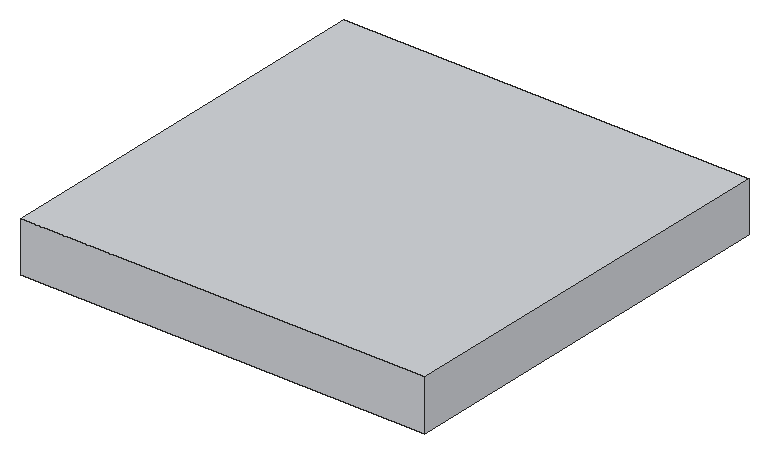
Revit family "05-9683-Z5-CL", category Luminarias, Revit 2017
Family settings
  Anfitrión = Cara
  Cota de conector redondo = Diámetro de uso
  Tipo de pieza = Normal
  Número OmniClass = 23.80.70.00
  Título OmniClass = Lighting
  Corte con vacíos al cargar = No
  Origen de luz = No
  Compartido = Sí
  Punto de cálculo de habitación = No
Parameters (values of type "05-9683-Z5-CL")
  Versión = "v1"
  Vatios (W) = 10.2
  Tipo de regulación = ""
  Tipo = "Aplique"
  Tender text (English) = "LEDS C4\nWilson Square\n05-9683-Z5-CLV1\n\nfor outdoor use. \n\nFor uplighting and downlighting. Specially designed to conceal all mounting screws. Structure material: Aluminium. Structure finish: Urban grey. Diffuser material: Glass. Diffuser finish: Matt. UV protection. Warranty: 5 Years.\n\nProduct net weight (Kg): 0.980\nProduct width or diameter (mm): 110\nProduct height (mm): 90\nProduct aperture (mm): 130\n\nClass 1. Glow wire test: 850. IP: IP65. IK: IK08. LED. No. of lampholders or LEDs: 24. LED brand: LEXTAR. Driver brand: EAGLERISE. Maximum power of light source: 9W. Colour temperature: LED warm-white 3000K. Colour rendering index: 80. MacAdam Steps: 3. Maximum diameter of luminaire bulb: 50.000h L80B20. UGR: 14.4. Photobiological risk: RG0. Real flux (lm): 623. Nominal flux (lm): 855. Lm/Real W: 61. Voltage and frequency range: 100-240/50-60Hz. Voltage: 3. Gear included: Yes, electronic. Multi-voltage gear included. Total power: 10.2. Power factor: 0.90."
  Tender text (Castellano) = "LEDS C4\nWilson Square\n05-9683-Z5-CLV1\n\nde uso exterior para iluminar hacia arriba y hacia abajo \n\nEspecialmente diseñada para ocultar toda la tornillería. Material estructura: Aluminio. Acabado estructura: Gris urbano. Material difusor: Cristal. Acabado difusor: Mate. Protección contra los rayos ultravioleta. Garantía: 5 Años.\n\nPeso neto del producto (Kg): 0.980\nAnchura o diámetro del producto (mm): 110\nAltura del producto (mm): 90\nSalida del producto (mm): 130\n\nClase 1. Prueba hilo incandescente: 850. IP: IP65. IK: IK08. LED. Nº de portalámparas o Leds: 24. Marca del LED: LEXTAR. Marca del Driver: EAGLERISE. Potencia máxima de la fuente de luz: 9W. Temperatura de color: Blanco cálido - 3000K. Índice de reproducción cromática: 80. Steps Mac Adam: 3. Diámetro máximo de la bombilla que admite la luminaria: 50.000h L80B20. UGR: 14.4. Riesgo fotobiológico: RG0. Flujo real (lm): 623. Flujo nominal (lm): 855. Lm/W reales: 61. Rango de voltaje/frecuencia: 100-240/50-60Hz. Voltaje: 3. Equipo incluido: Si, electrónico. Equipo multivoltaje incluido. Potencia total: 10.2. Factor de potencia: 0.90."
  Temperatura color led (K) = "Blanco cálido - 3000K"
  Referencia = "05-9683-Z5-CL"
  Rayo de luz = "Check Photometric file"
  Producto descatalogado = "Catalogado ES"
  Pluma comercial = "http://files.leds-c4.com/pl/05-9683-Z5-CLV1.html"
  Peso neto (KG) = 0.98
  Material = "Aluminio, Cristal"
  Lumenes reales (lm) = 623
  LDT = "http://files.leds-c4.com/ldt/05-9683-Z5-CLV1.html"
  Imagen web = "http://files.leds-c4.com/main-photo/05-9683-Z5-CLV1"
  IfcExportType = "NOTDEFINED"
  IfcExportAs = "IfcLightFixture\r\nIfcLightFixture"
  IP = "IP65"
  IMC = "http://files.leds-c4.com/imc/05-9683-Z5-CLV1.html"
  IK = "IK08"
  Fuente de luz = "24xLED 9 855.00 lm"
  Fotometría = "http://files.leds-c4.com/fm/05-9683-Z5-CLV1.html"
  Ficha = "http://files.leds-c4.com/ft/es/05-9683-Z5-CLV1.html"
  FechaVersion = "Julio 2020"
  Familia = "Wilson Square"
  Fabricante = "LEDS C4"
  Etiqueta V/f = "100-240V/50-60Hz"
  Elevación por defecto = 1000 mm
  Eficiencia energética = "LED A++"
  EAN13 = "8435381443504"
  DescripcionUniformat2010 = "Lighting"
  DescripcionUniclass2015 = "Lighting"
  DescripcionOmniclass = "Lighting"
  DescripcionGubimclass = "Iluminación interior"
  CodigoUniformat2010 = "D5040"
  CodigoUniclass2015 = "EF_70_80"
  CodigoOmniclass = "21-04 50 40"
  CodigoGubimclass = "50.60.50.20"
  Catálogo = "Outdoor"
  Carga aparente = 0 VA
  CRI = 80
  Acabado = "Gris urbano, Mate"
Types (2, lengths in mm): name | Lumenes reales (lm) | CRI
  (no name) | 0 | 0
  05-9683-Z5-CL | 623 | 80
Values of the unnamed type that differ from the named types
  Vatios (W) = 0
  Tipo = ""
  Tender text (English) = ""
  Tender text (Castellano) = ""
  Temperatura color led (K) = ""
  Referencia = ""
  Rayo de luz = ""
  Producto descatalogado = ""
  Pluma comercial = ""
  Peso neto (KG) = 0
  Material = ""
  LDT = ""
  Imagen web = ""
  IP = ""
  IMC = ""
  IK = ""
  Fuente de luz = ""
  Fotometría = ""
  Ficha = ""
  Familia = ""
  Etiqueta V/f = ""
  Eficiencia energética = ""
  EAN13 = ""
  Catálogo = ""
  Acabado = ""
Reference planes
  plane 1 "Centro (Frontal/Posterior)": y = 0
  plane 2: z = 0
  plane 3 "Centro (Izquierda/Derecha)": x = 0
  plane 4 "Elevación de origen de luz": z = 0
  plane 5 "Eje de origen de luz (F/P)": y = 0
  plane 6 "Eje de origen de luz (I/D)": x = 0
Forms (mm)
  Extrusion 1, solid
    sketch origin (0, 0, 0) x (1, 0, 0) y (0, 1, 0)
      loop
        line (-1219.2, 1219.2) -> (-1219.2, -1219.2) -> (1219.2, -1219.2) -> (1219.2, 1219.2) -> (-1219.2, 1219.2)
    from 0 to -304.8
Dimensions and locks
  aligned and locked: plane 2 to Extrusion 1
  aligned and locked: level to Extrusion 1
Nested families
  nested 1: "Luz anidada2" at (0, -32.145, 74.522), type "Tipo1"
Connectors
  electrical at (0, 0, 0)
    settings: on Extrusion 1, index 1, voltage 0 V, apparent load 0 VA, apparent load phase1 0 VA, apparent load phase2 0 VA, apparent load phase3 0 VA, power factor 1, load classification "Otro", number of poles 1, system type 31, power factor state 1, is connector primary yes, connector utility no, sub classification motor no, connector description ""
Definition of nested family "Luz anidada2"
  Parameters (values of type "Tipo1")
    Tilt Angle = 179.346°
    Wattage = 5.1 W
    Tipo de regulación = ""
    Tipo = ""
    Tender text = ""
    built-in parameter 1150110 = 1 (stored number, unit not read)
    Pluma comercial = ""
    Material = ""
    Imagen = ""
    IP = ""
    IMC = ""
    IK = ""
    Fotometría = ""
    Ficha = ""
    Familia = ""
    Estado en catálogo = ""
    Peso neto = ""
    Lamp = ""
    built-in parameter 1114217 = 1 (stored number, unit not read)
    built-in parameter 1150109 = 1 (stored number, unit not read)
    Etiqueta vf = ""
    Eficiencia energética = ""
    EAN13 = ""
    built-in parameter 1150134 = (empty or 0)
    built-in parameter 1150113 = 1 (stored number, unit not read)
    Lumens = 2712 lm
    built-in parameter 1150115 = 1 (stored number, unit not read)
    built-in parameter 1150105 = 109.82 (stored number, unit not read)
    built-in parameter 1150137 = (empty or 0)
    built-in parameter 1150139 = (empty or 0)
    built-in parameter 1150112 = 1 (stored number, unit not read)
    built-in parameter 1150114 = 1 (stored number, unit not read)
    built-in parameter 1150132 = (empty or 0)
    built-in parameter 1150102 = (empty or 0)
    built-in parameter 1150138 = (empty or 0)
    built-in parameter 1150107 = 3000 (stored number, unit not read)
    built-in parameter 1150106 = 1.0982 (stored number, unit not read)
    built-in parameter 1150104 = 5.6744 (stored number, unit not read)
    Catálogo = ""
    Dimming Lamp Color Temperature Shift = (empty or 0)
    Color Filter = 16777215
    built-in parameter 1114218 = 1 (stored number, unit not read)
    CRI = 0
    Photometric Web File = "05-9683-Z5-CLV1.ies"
    Acabado = ""
    built-in parameter 1150133 = 10 (stored number, unit not read)
  Reference planes
    plane 1 "Eje de origen de luz (F/P)": y = 0
    plane 2: z = 0
    plane 3 "Eje de origen de luz (I/D)": x = 0
    plane 4 "Elevación de origen de luz": z = 0
  Dimensions and locks
    aligned and locked: plane 3 "Eje de origen de luz (I/D)" to imposter light
    aligned and locked: plane 1 "Eje de origen de luz (F/P)" to imposter light
    aligned and locked: plane 4 "Elevación de origen de luz" to imposter light
    aligned and locked: level to plane 2
